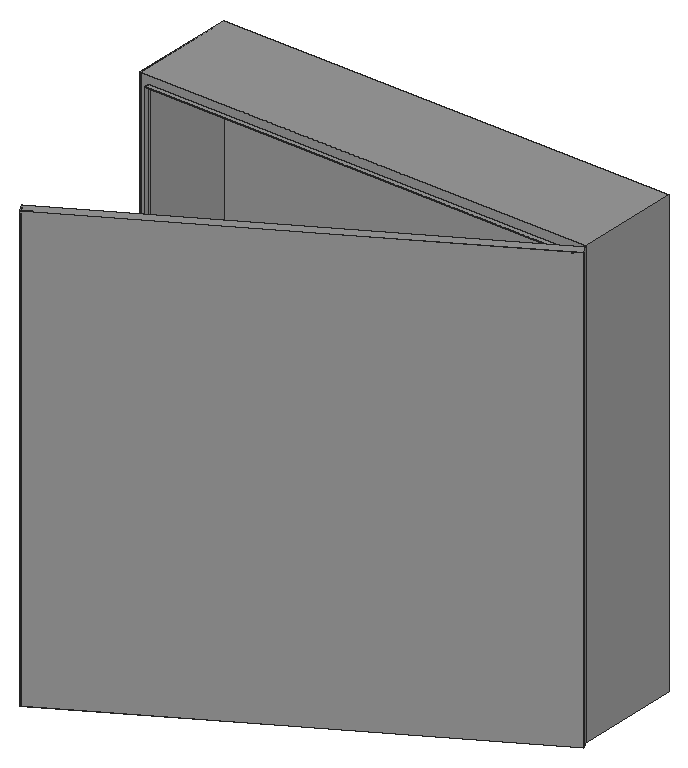
Revit family "Hager-Univers-IP44-D205-H800-Cl.II-Encl-NoHosted-PT-pt", category Electrical Equipment, Revit 2020
Family settings
  Panel Configuration = Two Columns, Circuits Across
  Round Connector Dimension = Use Diameter
  Part Type = Panelboard
  Work Plane-Based = Yes
  Always vertical = Yes
  Cut with Voids When Loaded = No
  Shared = No
  Room Calculation Point = No
Parameters (values of type "Montagem em superfície (gesso) IP44 L800 A800 P205  - FP53SN2")
  Width Control [instance] = if([EF000008 - Largura] > Min Width, [EF000008 - Largura], Min Width)  # 800 mm
  Type Comments = [HG000003 - Gama]  # "Univers"
  Thickness Door [instance] = if([EF009171 - Espessura do material da porta/tampa] > 3 mm, 3 mm, [EF009171 - Espessura do material da porta/tampa])  # 1 mm
  Seal Frame Offset [instance] = 17 mm  # constant formula
  Plinth Visibility [instance] = [HG000027 - Altura da Plinta] > 0 mm  # no
  Min Width [instance] = 100 mm  # constant formula
  Min Depth [instance] = (2 * [EF009170 - Espessura do material do invólucro]) + 1 mm  # 3 mm
  Min Height [instance] = 100 mm  # constant formula
  Internal Frame Depth [instance] = (Door System Depth * 0.5)  # 9 mm
  Panel Name [instance] = ""  # (empty or 0)
  Model = ""
  HG000027 - Altura da Plinta = 0 mm
  HG000026 - Instalação no chão = no
  HG000024 - Altura da secção inferior = 600 mm
  HG000023 - Recinto de secção dupla = no
  HG000016 - Visibilidade da porta 3D [instance] = yes
  HG000015 - Visibilidade através da porta [instance] = no
  HG000014 - Porta à direita [instance] = yes
  HG000013 - Porta à esquerda [instance] = not([HG000014 - Porta à direita])  # no
  HG000012 - Ângulo de abertura de porta [instance] = 30.00°
  HG000010 - Portas assimétricas = no
  HG000009 - Porta dupla = no
  HG000006 - Encastrado = no
  HG000004 - Referência do Fabricante = "FP53SN2"
  HG000003 - Gama = "Univers"
  HG000002 - Com porta ou tampa = yes
  Frame Offset Bottom [instance] = 10 mm  # constant formula
  Frame Offset [instance] = 15 mm  # constant formula
  EF015940 - Tampa com libertação de sobrepressão = no
  EF011959 - Grau de proteção (NEMA) = ""
  EF009554 - Número de aberturas para placas de flange = 6
  EF009212 - Tipo de tampa = "EV000116 - Fechado"
  EF009171 - Espessura do material da porta/tampa = 1 mm
  EF009170 - Espessura do material do invólucro = 1 mm
  EF008873 - Corrente nominal (In) = 250 A
  EF007800 - Adequado para proteção contra raios = no
  EF006306 - Com fecho = no
  EF006244 - Tampa/porta transparente = no
  EF005474 - Grau de proteção (IP) = "EV006418 - IP44"
  EF004464 - Tipo de porta = "EV002646 - Único"
  EF004427 - Número de módulos = 180
  EF004293 - Força de impacto = "EV006815 - IK09"
  EF003532 - Adequado para uso no exterior = no
  EF002950 - Largura em número de módulos = 36
  EF001613 - Integridade do circuito = "EV000494 - Nenhum"
  EF001596 - Material do corpo = "EV000179 - Aço"
  EF001131 - Profundidade interior = 130 mm
  EF001088 - Extensão possível = yes
  EF000437 - Número de entradas de condutores = 6
  EF000339 - Tipo de difusor = "EV004216 - Porta"
  EF000266 - Número de linhas = 5
  EF000218 - Profundidade incorporada = 205 mm
  EF000118 - Com tampa de montagem = no
  EF000116 - Número RAL = "9010"
  EF000049 - Profundidade = 205 mm
  EF000040 - Altura = 800 mm
  EF000008 - Largura = 800 mm
  EF000007 - Cor = "EV000202 - Branco"
  EF000003 - Método de montagem = "EV000384 - Montagem em superfície (gesso)"
  Door System Leaf Tolerance [instance] = 1.5 mm  # constant formula
  Door System Depth [instance] = 18 mm  # constant formula
  Door Height [instance] = Height Control - [HG000027 - Altura da Plinta]  # 800 mm
  Description = ""
  Default Elevation = 1219.2 mm
  Connector Offset [instance] = Height Control / 2  # 400 mm
  Manufacturer = "Hager"  # constant formula
  Height Control [instance] = if([EF000040 - Altura] > Min Height, [EF000040 - Altura], Min Height)  # 800 mm
  Depth Control [instance] = if([EF000049 - Profundidade] > Min Depth, [EF000049 - Profundidade], Min Depth)  # 205 mm
  Bottom Top Plate Trim [instance] = 1.5 mm  # constant formula
  Plinth height Ctrl [instance] = if([HG000027 - Altura da Plinta] > 0 mm, [HG000027 - Altura da Plinta], 12 mm)  # 12 mm
Types (5, lengths in mm): name | Width Control | HG000010 - Portas assimétricas | HG000009 - Porta dupla | HG000004 - Referência do Fabricante | EF009554 - Número de aberturas para placas de flange | EF004464 - Tipo de porta | EF004427 - Número de módulos | EF002950 - Largura em número de módulos | EF000437 - Número de entradas de condutores | EF000339 - Tipo de difusor | EF000008 - Largura
  Montagem em superfície (gesso) IP44 L1050 A800 P205  - FP54SN2 | 1050 | no | yes | "FP54SN2" | 8 | "EV003602 - Duplo" | 240 | 48 | 8 | "EV004216 - Porta" | 1050
  Montagem em superfície (gesso) IP44 L1300 A800 P205  - FP55SN2 | 1300 | yes | yes | "FP55SN2" | 10 | "EV003602 - Duplo" | 300 | 60 | 10 | "EV004216 - Porta" | 1300
  Montagem em superfície (gesso) IP44 L300 A800 P205  - FP51SN2 | 300 | no | no | "FP51SN2" | 2 | "EV002646 - Único" | 60 | 12 | 2 | "EV001012 - Tampa" | 300
  Montagem em superfície (gesso) IP44 L550 A800 P205  - FP52SN2 | 550 | no | no | "FP52SN2" | 4 | "EV002646 - Único" | 120 | 24 | 4 | "EV001012 - Tampa" | 550
  Montagem em superfície (gesso) IP44 L800 A800 P205  - FP53SN2 | 800 | no | no | "FP53SN2" | 6 | "EV002646 - Único" | 180 | 36 | 6 | "EV004216 - Porta" | 800
Reference planes
  plane 1 "Center (Front/Back)": y = 0
  plane 2: z = 0
  plane 3 "Center (Left/Right)": x = 0
  plane 4: y = 0
  plane 5: y = 0
  plane 6: z = 0
  plane 7: x = -400
  plane 8: x = 400
  plane 9: x = 399
  plane 10: x = -399
  plane 11: z = 0
  plane 12: z = 1
  plane 13: y = -205
  plane 14: y = -1
  plane 15: x = 0
  plane 16: y = -187
  plane 17: y = -204
  plane 18: y = -186
  plane 19: x = -384
  plane 20: x = 384
  plane 21: z = 11
  plane 22: x = -383
  plane 23: x = 383
  plane 24: z = 0
  plane 25: z = 800
  plane 26: z = 800
  plane 27: z = 784
  plane 28: z = 799
Forms (mm)
  Extrusion 1, solid, material "Hager_Steel_RAL7035_Light_Grey", detail levels medium+fine
    sketch origin (-208.679, -4572, 0) x (-1, 0, 0) y (0, -1, 0)
      loop
        line (191.321, -4385) -> (-608.679, -4385) -> (-608.679, -4572) -> (191.321, -4572) -> (191.321, -4385)
    from 0 to 800
  Extrusion 2, void
    sketch origin (-350.771, -205, 1219.2) x (1, 0, 0) y (0, 0, 1)
      loop
        line (-48.229, -420.2) -> (-48.229, -1218.2) -> (749.771, -1218.2) -> (749.771, -420.2) -> (-48.229, -420.2)
    from -19 to -204
  Extrusion 3, void
    sketch origin (-290.084, -187, 1219.2) x (1, 0, 0) y (0, 0, 1)
      loop
        line (-93.916, -1208.2) -> (674.084, -1208.2) -> (674.084, -435.2) -> (-93.916, -435.2) -> (-93.916, -1208.2)
    from 0 to -1
  Extrusion 4, solid, material "Hager_Steel_RAL7035_Light_Grey", visible <- "Plinth Visibility", detail levels medium+fine
    sketch origin (0, 0, 0) x (1, 0, 0) y (0, 1, 0)
      loop
        line (-400, 0) -> (-400, -187) -> (400, -187) -> (400, 0) -> (-400, 0)
    from 0 to 12 <- "Plinth height Ctrl"
  Extrusion 5, solid, material "Hager_Steel_RAL7035_Light_Grey", detail levels coarse
    sketch origin (0, 0, 0) x (1, 0, 0) y (0, 1, 0)
      loop
        line (-400, 0) -> (-400, -205) -> (400, -205) -> (400, 0) -> (-400, 0)
    from 0 to 800 <- "Height Control"
  Sweep 6, void
    path in 3D
      loop
        line (-400, -187, 12) -> (400, -187, 12) -> (400, 0, 12) -> (-400, 0, 12) -> (-400, -187, 12)
    profile origin (-400, -93.5, 12) x (1, 0, 0) y (0, 0, 1)
      loop
        line (0, 0) -> (0, -1.5) -> (1.5, -1.5)
        arc (1.5, -1.5) -> (1.061, -0.439) -> (0, 0) r 1.5
  Extrusion 7, solid, material "Hager_Steel_RAL7035_Light_Grey", detail levels fine
    sketch origin (-400, -187, 0) x (1, 0, 0) y (0, 0, 1)
      loop
        line (16, 11) -> (784, 11) -> (784, 784) -> (16, 784) -> (16, 11)
      loop
        line (15, 10) -> (785, 10) -> (785, 785) -> (15, 785) -> (15, 10)
    from 0 to 9 <- "Internal Frame Depth"
Cuts and joins
  Extrusion 2, Extrusion 3 cuts Extrusion 1
  Sweep 6 cuts Extrusion 4
Lines and regions (mm)
  Masking region 1
    outline origin (0, 0, 0) x (1, 0, 0) y (0, 1, 0)
      loop
        line (-400, 0) -> (-400, -205) -> (400, -205) -> (400, 0) -> (-400, 0)
  Masking region 2, detail levels coarse
    outline origin (-290.084, -187, 1219.2) x (-1, 0, 0) y (0, 0, 1)
      loop
        line (-690.084, -1219.2) -> (109.916, -1219.2) -> (109.916, -419.2) -> (-690.084, -419.2) -> (-690.084, -1219.2)
  Masking region 3, detail levels coarse
    outline origin (0, 0, 0) x (0, 1, 0) y (0, 0, 1)
      loop
        line (0, 0) -> (0, 800) -> (-205, 800) -> (-205, 0) -> (0, 0)
  Masking region 4, visible <- "Plinth Visibility", detail levels medium+fine
    outline origin (0, 0, 0) x (0, 1, 0) y (0, 0, 1)
      loop
        line (-1.5, 12) -> (-185.5, 12)
        arc (-185.5, 12) -> (-185.939, 10.939) -> (-187, 10.5) r 1.5
        line (-187, 10.5) -> (-187, 0) -> (0, 0) -> (0, 10.5)
        arc (0, 10.5) -> (-1.061, 10.939) -> (-1.5, 12) r 1.5
  Masking region 5, detail levels medium+fine
    outline origin (0, 0, 594.038) x (0, 1, 0) y (0, 0, 1)
      loop
        line (0, -594.038) -> (0, 205.962) -> (-187, 205.962) -> (-187, -594.038) -> (0, -594.038)
  Masking region 6, detail levels medium+fine
    outline origin (-359.7, -187, 1211.883) x (-1, 0, 0) y (0, 0, 1)
      loop
        line (-759.7, -1211.883) -> (40.3, -1211.883) -> (40.3, -411.883) -> (-759.7, -411.883) -> (-759.7, -1211.883)
  Masking region 7, visible <- "Plinth Visibility", detail levels medium+fine
    outline origin (-320.334, -187, 1041.368) x (-1, 0, 0) y (0, 0, 1)
      loop
        line (-720.334, -1041.368) -> (79.666, -1041.368) -> (79.666, -1030.868)
        arc (79.666, -1030.868) -> (78.606, -1030.429) -> (78.166, -1029.368) r 1.5
        line (78.166, -1029.368) -> (-718.834, -1029.368)
        arc (-718.834, -1029.368) -> (-719.273, -1030.429) -> (-720.334, -1030.868) r 1.5
        line (-720.334, -1030.868) -> (-720.334, -1041.368)
  sketch lines
    curve 1: line (-400, 0, 12) -> (-400, -187, 12)
    curve 2: line (-400, -187, 12) -> (400, -187, 12)
    curve 3: line (400, 0, 12) -> (-400, 0, 12)
    curve 4: line (400, -187, 12) -> (400, 0, 12)
Dimensions and locks
  locked: plane 1 "Center (Front/Back)" to plane 5
  "EF009170 - Espessura do material do invólucro": plane 7 to plane 10
  "EF009170 - Espessura do material do invólucro": plane 8 to plane 9
  equal spacing: plane 7, plane 3 "Center (Left/Right)", plane 8
  "Width Control": plane 7 to plane 8
  "Depth Control": plane 4 to plane 13
  "EF009170 - Espessura do material do invólucro": plane 4 to plane 14
  "Height Control": plane 25 to level
  "HG000027 - Altura da Plinta": plane 11 to level
  "EF009170 - Espessura do material do invólucro": plane 12 to plane 11
  "EF009170 - Espessura do material do invólucro": plane 17 to plane 13
  "EF009170 - Espessura do material do invólucro": plane 18 to plane 16
  "Frame Offset Bottom": plane 21 to plane 12
  "Frame Offset": plane 10 to plane 19
  "Frame Offset": plane 9 to plane 20
  "Door System Depth": plane 16 to plane 13
  "Seal Frame Offset": plane 7 to plane 22
  "Seal Frame Offset": plane 8 to plane 23
  "EF009170 - Espessura do material do invólucro": plane 26 to plane 28
  "Frame Offset": plane 28 to plane 27
  "Connector Offset": plane 2 to connector elem
  "Bottom Top Plate Trim": profile plane to Sweep 6 sketch curve
  "Bottom Top Plate Trim": Sweep 6 sketch curve to Sweep 6 sketch curve
  "Plinth height Ctrl": Masking region 4 sketch curve to level
  "Plinth height Ctrl": Masking region 7 sketch curve to level
  "Thickness Door": Extrusion 7 sketch curve to Extrusion 7 sketch curve  (x4)
  "Bottom Top Plate Trim": radius of Sweep 6 sketch curve
  "Bottom Top Plate Trim": radius of Masking region 4 sketch curve  (x2)
  "Bottom Top Plate Trim": radius of Masking region 7 sketch curve  (x2)
  aligned and locked: Extrusion 2 sketch curve to plane 12
  aligned and locked: Extrusion 2 sketch curve to plane 9
  aligned and locked: Extrusion 2 sketch curve to plane 10
  aligned and locked: Extrusion 2 to plane 14
  aligned and locked: Extrusion 1 sketch curve to plane 4
  aligned and locked: plane 8 to Extrusion 1 sketch curve
  aligned and locked: plane 7 to Extrusion 1 sketch curve
  aligned and locked: Extrusion 2 to plane 18
  aligned and locked: Extrusion 3 sketch curve to plane 19
  aligned and locked: plane 20 to Extrusion 3 sketch curve
  aligned and locked: Extrusion 3 to Extrusion 2
  aligned and locked: Extrusion 3 sketch curve to plane 21
  aligned and locked: plane 3 "Center (Left/Right)" to nested 1
  aligned and locked: Extrusion 1 sketch curve to plane 16
  aligned and locked: Extrusion 4 sketch curve to cut or joined group of Extrusion 1, Extrusion 2, Extrusion 3
  aligned and locked: Masking region 1 sketch curve to plane 7
  aligned and locked: Masking region 1 sketch curve to plane 5
  aligned and locked: Masking region 1 sketch curve to plane 8
  aligned and locked: Masking region 2 sketch curve to level
  aligned and locked: level to Masking region 3 sketch curve
  aligned and locked: plane 1 "Center (Front/Back)" to Masking region 3 sketch curve
  aligned and locked: plane 13 to Masking region 3 sketch curve
  aligned and locked: plane 5 to Masking region 4 sketch curve
  aligned and locked: Masking region 2 sketch curve to plane 8
  aligned and locked: Masking region 2 sketch curve to plane 7
  aligned and locked: plane 7 to nested 2
  aligned and locked: nested 2 to plane 5
  aligned and locked: plane 5 to Masking region 5 sketch curve
  aligned and locked: plane 26 to Masking region 5 sketch curve
  aligned and locked: Extrusion 5 sketch curve to plane 8
  aligned and locked: Extrusion 5 sketch curve to plane 7
  aligned and locked: Extrusion 5 sketch curve to plane 5
  aligned and locked: Extrusion 3 sketch curve to plane 27
  aligned and locked: Extrusion 2 sketch curve to plane 28
  aligned and locked: Masking region 2 to plane 25
  aligned and locked: Extrusion 4 to plane 16
  aligned and locked: profile plane to Sweep 6 sketch curve
  aligned and locked: Masking region 5 sketch curve to plane 24
  aligned and locked: level to Masking region 4 sketch curve
  aligned and locked: Masking region 1 to plane 13
  aligned and locked: nested 1 to plane 16
  aligned and locked: Masking region 3 to plane 25
  aligned and locked: plane 16 to Masking region 4 sketch curve
  aligned and locked: Masking region 5 sketch curve to plane 16
  aligned and locked: plane 24 to plane 11
  aligned and locked: plane 26 to plane 25
  aligned and locked: plane 26 to cut or joined group of Extrusion 1, Extrusion 2, Extrusion 3
  aligned and locked: nested 1 to plane 24
  aligned and locked: Extrusion 1 to Extrusion 3
  aligned and locked: Masking region 6 sketch curve to plane 8
  aligned and locked: Masking region 6 sketch curve to plane 24
  aligned and locked: Masking region 6 sketch curve to plane 7
  aligned and locked: Masking region 6 sketch curve to plane 26
  aligned and locked: Masking region 7 sketch curve to plane 7
  aligned and locked: level to Masking region 7 sketch curve
  aligned and locked: Masking region 7 sketch curve to plane 8
  aligned and locked: Extrusion 7 sketch curve to cut or joined group of Extrusion 1, Extrusion 2, Extrusion 3  (x4)
Automatic sketch dimensions
  plane 19 to Extrusion 3 sketch curve = 0 mm
  Extrusion 3 sketch curve to plane 20 = 0 mm
  Extrusion 3 sketch curve to plane 21 = 0 mm
  Extrusion 4 sketch curve to plane 7 = 0 mm
  Extrusion 4 sketch curve to plane 8 = 0 mm
  Extrusion 4 sketch curve to plane 16 = 0 mm
  Masking region 1 sketch curve to plane 13 = 0 mm
  Masking region 2 sketch curve to plane 25 = 0 mm
  Masking region 3 sketch curve to plane 25 = 0 mm
  Extrusion 5 sketch curve to plane 13 = 0 mm
  profile plane to Sweep 6 sketch curve = 0 mm
Nested families
  nested 1: "EC000058_Univers_Door" at (0, -187, 0), Double <- "HG000009 - Porta dupla", Transparent <- "EF006244 - Tampa/porta transparente", Angle <- "HG000012 - Ângulo de abertura de porta", Door_Right <- "HG000014 - Porta à direita", Assymetrical <- "HG000010 - Portas assimétricas", Door <- "HG000002 - Com porta ou tampa", Width_Ctrl <- "Width Control", 3d_Door <- "HG000016 - Visibilidade da porta 3D", Clearance <- "HG000015 - Visibilidade através da porta", Door_Left <- "HG000013 - Porta à esquerda", Width <- "Width Control", Door_Depth <- "Door System Depth", Leaf_Tolerance <- "Door System Leaf Tolerance", Height <- "Door Height", Lock_Visibility <- "EF006306 - Com fecho", Thickness <- "Thickness Door", type "EC000058_Univers_Door", detail levels medium+fine
    with min_wh 3 mm, Width_Ctrl 800 mm, Width 800 mm, Transparent no, Thickness 1 mm, Seal_Material Hager_Rubber, Lock_Visibility no, Lock_Material Hager_Plastic_RAL9005_Jet_Black, Leaf_Width 800 mm, Leaf_Tolerance_External_Sides 0 mm, Leaf_Tolerance 1.5 mm, Leaf_Offset 0 mm, Leaf_Height 797 mm, Leaf_2_Width 800 mm, Leaf_2_Offset 400 mm, Leaf_1_Width 800 mm, Leaf_1_Offset 400 mm, Height_Ctrl 800 mm, Height 800 mm, Glass_Material Hager_Glass, Double_Clearance_Ctrl no, Double no, Door_Right_Ctrl yes, Door_Right yes, Door_Material Hager_Steel_RAL7035_Light_Grey, Door_Left_Ctrl no, Door_Left no, Door_Depth 18 mm, Door yes, Clearance_Material Hager_Clearance, Clearance_Depth 800 mm, Clearance_Ctrl no, Clearance no, Assymetrical no, Angle 30.00°, 3d_Door yes
  nested 2: "Hager_Enclosure_Symbol" at (-400, 0, 0), Height <- "Depth Control", Width <- "Width Control", type "Hager_Enclosure_Symbol"
    with Width_Ctrl 800 mm, Width 800 mm, Height_Ctrl 205 mm, Height 205 mm, A_Width_Int 13.453 mm, A_Width 161.438 mm, A_Height_Ctrl 179.375 mm, A_Height 179.375 mm
Connectors
  electrical at (0, 0, 400)
    settings: on plane 1 "Center (Front/Back)", index 1, voltage 0 V, apparent load 0 VA, apparent load phase1 0 VA, apparent load phase2 0 VA, apparent load phase3 0 VA, power factor 1, load classification "Other", number of poles 1, system type 30, power factor state 1, is connector primary yes, connector utility no, sub classification motor no, connector description ""
Definition of nested family "EC000058_Univers_Door"
  Parameters (values of type "EC000058_Univers_Door")
    min_wh [instance] = (2 * Thickness) + 1 mm  # 11 mm
    Width_Ctrl [instance] = 400 mm
    Width [instance] = 500 mm
    Transparent [instance] = yes
    Thickness [instance] = 5 mm
    Seal_Material [instance] = none
    Lock_Visibility [instance] = yes
    Lock_Material [instance] = none
    Leaf_Width [instance] = if((Width_Ctrl - 2 * Leaf_Tolerance_External_Sides) > 0 mm, (Width_Ctrl - 2 * Leaf_Tolerance_External_Sides), min_wh)  # 400 mm
    Leaf_Tolerance_External_Sides [instance] = 0 mm  # constant formula
    Leaf_Tolerance [instance] = 1.5 mm
    Leaf_Offset [instance] = 0 mm  # constant formula
    Leaf_Height [instance] = if((Height_Ctrl - 2 * Leaf_Tolerance) > 0 mm, (Height_Ctrl - 2 * Leaf_Tolerance), min_wh)  # 497 mm
    Leaf_2_Width [instance] = if(and(and(Double, Assymetrical), Door_Left), (Leaf_Width / 3) - (Leaf_Tolerance / 2), if(and(and(Double, Assymetrical), Door_Right), (Leaf_Width / 3) * 2 - (Leaf_Tolerance / 2), if(and(Double, not(Assymetrical)), (Leaf_Width / 2) - Leaf_Tolerance, Leaf_Width)))  # 400 mm
    Leaf_2_Offset [instance] = if(and(Double, Assymetrical), Leaf_2_Width / 2, if(and(Double, not(Assymetrical)), Leaf_Width / 4, Leaf_Width / 2))  # 200 mm
    Leaf_1_Width [instance] = if(and(and(Double, Assymetrical), Door_Right), (Leaf_Width / 3) - (Leaf_Tolerance / 2), if(and(and(Double, Assymetrical), Door_Left), (Width / 3) * 2 - (Leaf_Tolerance / 2), if(and(Double, not(Assymetrical)), (Leaf_Width / 2) - Leaf_Tolerance, Leaf_Width)))  # 400 mm
    Leaf_1_Offset [instance] = if(and(Double, Assymetrical), Leaf_1_Width / 2, if(and(Double, not(Assymetrical)), Leaf_Width / 4, Leaf_Width / 2))  # 200 mm
    Height_Ctrl [instance] = if(Height > min_wh, Height, min_wh)  # 500 mm
    Height [instance] = 500 mm
    Glass_Material [instance] = none
    Double_Clearance_Ctrl [instance] = and(Double, Clearance)  # no
    Double [instance] = no
    Door_Right_Ctrl [instance] = and(or(Door_Right, Double), Door)  # yes
    Door_Right [instance] = yes
    Door_Material [instance] = none
    Door_Left_Ctrl [instance] = and(or(Door_Left, Double), Door)  # no
    Door_Left [instance] = no
    Door_Depth [instance] = 30 mm
    Door [instance] = yes
    Default Elevation = 1219.2 mm
    Clearance_Material [instance] = none
    Clearance_Depth [instance] = if(Leaf_1_Width > Leaf_2_Width, Leaf_1_Width, Leaf_2_Width)  # 400 mm
    Clearance_Ctrl [instance] = and(not(Double), Clearance)  # yes
    Clearance [instance] = yes
    Assymetrical [instance] = yes
    Angle [instance] = 30.00°
    3d_Door [instance] = yes
  Reference planes
    plane 1 "Center (Front/Back)": y = 0
    plane 2 "Bottom": z = 0
    plane 3 "Center (Left/Right)": x = 0
    plane 4: z = 500
    plane 5: x = -200
    plane 6: x = 200
    plane 7: z = 500
    plane 8: x = -200
    plane 9: z = 0
    plane 10: x = 200
    plane 11: y = 0
    plane 12: z = 1.5
    plane 13: x = -600
    plane 14: y = -400
    plane 15: x = 600
    plane 16: x = 0
    plane 17: x = 0
    plane 18: x = -200
    plane 19: x = 200
    plane 20: z = 498.5
  Forms (mm)
    Extrusion 1, solid, material <- "Clearance_Material", visible <- "Double_Clearance_Ctrl"
      sketch origin (1200, 0, 0) x (1, 0, 0) y (0, 0, -1)
        loop
          line (-1800, -498.5) -> (-600, -498.5) -> (-600, 0) -> (-1800, 0) -> (-1800, -498.5)
      from 0 to -400
  Dimensions and locks
    equal spacing: plane 5, plane 3 "Center (Left/Right)", plane 6
    "Width_Ctrl": plane 5 to plane 6
    "Leaf_Offset": plane 5 to plane 8
    "Leaf_Offset": plane 6 to plane 10
    "Leaf_Offset": plane 9 to level
    "Leaf_Offset": plane 4 to plane 7
    "Height_Ctrl": plane 4 to level
    "Leaf_Tolerance": plane 12 to plane 9
    locked: plane 11 to plane 1 "Center (Front/Back)"
    "Leaf_1_Offset": plane 18 to plane 16
    "Leaf_2_Offset": plane 17 to plane 19
    "Leaf_1_Width": plane 13 to plane 8
    "Leaf_2_Width": plane 10 to plane 15
    "Clearance_Depth": plane 14 to plane 1 "Center (Front/Back)"
    "Leaf_Tolerance_External_Sides": plane 8 to plane 18
    "Leaf_Tolerance_External_Sides": plane 19 to plane 10
    "Leaf_Tolerance": plane 7 to plane 20
    aligned and locked: level to plane 2 "Bottom"
    aligned and locked: nested 1 to plane 16
    aligned and locked: nested 2 to plane 17
    aligned and locked: Extrusion 1 to plane 13
    aligned and locked: plane 15 to Extrusion 1
    aligned and locked: Extrusion 1 to plane 14
    aligned and locked: plane 12 to nested 1
    aligned and locked: nested 2 to plane 12
    aligned and locked: Extrusion 1 to plane 11
    aligned and locked: plane 20 to Extrusion 1
    aligned and locked: nested 2 to plane 11
    aligned and locked: nested 1 to plane 11
  Automatic sketch dimensions
    Extrusion 1 sketch curve to level = 0 mm
    plane 5 to Extrusion 1 sketch curve = 400 mm
    plane 6 to Extrusion 1 sketch curve = 400 mm
    Extrusion 1 sketch curve to plane 4 = 1.5 mm
  Nested families
    nested 1: "EC000058_Univers_Door_Leaf" at (0, 0, 1.5), Width <- "Leaf_1_Width", visible <- "Door_Left_Ctrl", Leaf_Height <- "Leaf_Height", Angle <- "Angle", 3d_Door <- "3d_Door", Transparent <- "Transparent", Clearance Material <- "Clearance_Material", Clearance <- "Clearance_Ctrl", Door_Material <- "Door_Material", Glass_Material <- "Glass_Material", Door_Depth <- "Door_Depth", Lock_Material <- "Lock_Material", Seal_Material <- "Seal_Material", Lock_Visibility <- "Lock_Visibility", Thickness <- "Thickness", type "EC000058_Univers_Door_Leaf"
      with Width 400 mm, Transparent_Glass_Offset 30 mm, Transparent_Ctrl yes, Transparent yes, Thickness 5 mm, Standard no, Seal_Material none, Seal_D2 8 mm, Seal_D1 1 mm, Offset_Internal_Frame 10 mm, Lock_Width 20 mm, Lock_Visibility_3d yes, Lock_Visibility yes, Lock_Thickness_3 3 mm, Lock_Thickness_2 1 mm, Lock_Thickness_1 3 mm, Lock_Radius_Offset_2 16 mm, Lock_Radius_Offset_1 15 mm, Lock_Radius_2 5 mm, Lock_Radius 6 mm, Lock_Offset 5 mm, Lock_Material none, Lock_Height 80 mm, Lock_Cover_Top_Offset_2d 17 mm, Lock_Cover_Height -65 mm, Leaf_Height 497 mm, Internal_Seal_Thickness 8 mm, Internal_Seal_Depth_2 4.5 mm, Internal_Frame_Depth 25 mm, Glass_Thickness -1 mm, Glass_Offset -2 mm, Glass_Material none, Door_Material none, Door_Depth 30 mm, Clearance Material none, Clearance yes, Angle_Ctrl 30.00°, Angle 30.00°, 3d_Door yes
    nested 2: "EC000058_Univers_Door_Leaf" at (0, 0, 1.5) x (-1, 0, 0) z (0, 0, 1), Width <- "Leaf_2_Width", visible <- "Door_Right_Ctrl", Leaf_Height <- "Leaf_Height", Angle <- "Angle", 3d_Door <- "3d_Door", Transparent <- "Transparent", Clearance Material <- "Clearance_Material", Clearance <- "Clearance_Ctrl", Door_Material <- "Door_Material", Glass_Material <- "Glass_Material", Door_Depth <- "Door_Depth", Lock_Material <- "Lock_Material", Seal_Material <- "Seal_Material", Lock_Visibility <- "Lock_Visibility", Thickness <- "Thickness", type "EC000058_Univers_Door_Leaf"
      with Width 400 mm, Transparent_Glass_Offset 30 mm, Transparent_Ctrl yes, Transparent yes, Thickness 5 mm, Standard no, Seal_Material none, Seal_D2 8 mm, Seal_D1 1 mm, Offset_Internal_Frame 10 mm, Lock_Width 20 mm, Lock_Visibility_3d yes, Lock_Visibility yes, Lock_Thickness_3 3 mm, Lock_Thickness_2 1 mm, Lock_Thickness_1 3 mm, Lock_Radius_Offset_2 16 mm, Lock_Radius_Offset_1 15 mm, Lock_Radius_2 5 mm, Lock_Radius 6 mm, Lock_Offset 5 mm, Lock_Material none, Lock_Height 80 mm, Lock_Cover_Top_Offset_2d 17 mm, Lock_Cover_Height -65 mm, Leaf_Height 497 mm, Internal_Seal_Thickness 8 mm, Internal_Seal_Depth_2 4.5 mm, Internal_Frame_Depth 25 mm, Glass_Thickness -1 mm, Glass_Offset -2 mm, Glass_Material none, Door_Material none, Door_Depth 30 mm, Clearance Material none, Clearance yes, Angle_Ctrl 30.00°, Angle 30.00°, 3d_Door yes
  Definition of nested family "EC000058_Univers_Door_Leaf"
    Parameters (values of type "EC000058_Univers_Door_Leaf")
      Width [instance] = 2000 mm
      Transparent_Glass_Offset [instance] = 30 mm
      Transparent_Ctrl [instance] = and(Transparent, [3d_Door])  # yes
      Transparent [instance] = yes
      Thickness [instance] = 5 mm
      Standard [instance] = and(not(Transparent), [3d_Door])  # no
      Seal_Material [instance] = none
      Seal_D2 [instance] = 8 mm  # constant formula
      Seal_D1 [instance] = 1 mm  # constant formula
      Offset_Internal_Frame [instance] = 10 mm  # constant formula
      Lock_Width [instance] = 20 mm  # constant formula
      Lock_Visibility_3d [instance] = and(Lock_Visibility, [3d_Door])  # yes
      Lock_Visibility [instance] = yes
      Lock_Thickness_3 [instance] = 3 mm  # constant formula
      Lock_Thickness_2 [instance] = 1 mm  # constant formula
      Lock_Thickness_1 [instance] = 3 mm  # constant formula
      Lock_Radius_Offset_2 [instance] = Lock_Radius_Offset_1 + 1 mm  # 16 mm
      Lock_Radius_Offset_1 [instance] = 15 mm  # constant formula
      Lock_Radius_2 [instance] = Lock_Radius - 1 mm  # 5 mm
      Lock_Radius [instance] = 6 mm  # constant formula
      Lock_Offset [instance] = 5 mm  # constant formula
      Lock_Material [instance] = none
      Lock_Height [instance] = 80 mm  # constant formula
      Lock_Cover_Top_Offset_2d [instance] = Lock_Radius_Offset_2 + 1 mm  # 17 mm
      Lock_Cover_Height [instance] = -(Lock_Height - Lock_Radius_Offset_1)  # -65 mm
      Leaf_Height [instance] = 2720.336 mm
      Internal_Seal_Thickness [instance] = 8 mm  # constant formula
      Internal_Seal_Depth_2 [instance] = 4.5 mm  # constant formula
      Internal_Frame_Depth [instance] = if(Door_Depth - Thickness > 5 mm, Door_Depth - Thickness, 5 mm)  # 25 mm
      Glass_Thickness [instance] = if(Thickness > 15 mm, Glass_Offset + 10 mm, -1 mm)  # -1 mm
      Glass_Offset [instance] = if(Thickness > 15 mm, -(Thickness + 10 mm) / 2, -2 mm)  # -2 mm
      Glass_Material [instance] = none
      Door_Material [instance] = none
      Door_Depth [instance] = 30 mm
      Default Elevation = 0 mm
      Clearance Material [instance] = none
      Clearance [instance] = yes
      Angle_Ctrl [instance] = if(Angle > 180.00°, 180.00°, Angle)  # 90.00°
      Angle [instance] = 90.00°
      3d_Door [instance] = yes
    Reference planes
      plane 1 "Center (Front/Back)": y = 0
      plane 2: z = 0
      plane 3 "Center (Left/Right)": x = 0
      plane 4: y = 2000
      plane 5: x = -1000
      plane 6: x = 1000
      plane 7: x = -3000
      plane 8: z = 2720.336
      plane 9: z = 30
      plane 10: z = 2690.336
      plane 11: x = 970
      plane 12: x = -970
      plane 13: y = -3
      plane 14: z = 107.833
      plane 15: y = -5
      plane 16: y = -223.314
      plane 17: x = -1000
      plane 18: z = 1360.168
      plane 19: y = 30
    Forms (mm)
      Extrusion 1, solid, material <- "Clearance Material", visible <- "Clearance"
        sketch origin (0, 0, 0) x (1, 0, 0) y (0, 0, 1)
          loop
            line (-3000, 2720.336) -> (-3000, 0) -> (1000, 0) -> (1000, 2720.336) -> (-3000, 2720.336)
        from 0 to -2000
      Extrusion 2, solid, material <- "Door_Material", visible <- "Standard", detail levels medium+fine
        sketch origin (-1000, 0, 0) x (0, 1, 0) y (-1, 0, 0)
          loop
            line (0, 30) -> (0, 25) -> (2000, 25) -> (2000, 30) -> (0, 30)
        from 0 to 2720.336 <- "Leaf_Height"
      Extrusion 3, solid, material <- "Door_Material", visible <- "Transparent_Ctrl", detail levels medium+fine
        sketch origin (-1000, 0, 0) x (0, 1, 0) y (-1, 0, 0)
          loop
            line (0, 25) -> (2000, 25) -> (2000, 30) -> (0, 30) -> (0, 25)
        from 0 to 2720.336 <- "Leaf_Height"
      Extrusion 4, void
        sketch origin (-1025, 2000, 0) x (0, 1, 0) y (0, 0, -1)
          loop
            line (-30, -2690.336) -> (-30, -30) -> (-1970, -30) -> (-1970, -2690.336) -> (-30, -2690.336)
        from 0 to 5 <- "Thickness"
      Sweep 5, solid, material <- "Seal_Material", visible <- "Transparent_Ctrl", detail levels fine
        path in 3D
          loop
            line (-1025, 30, 30) -> (-1025, 30, 2690.336) -> (-1025, 1970, 2690.336) -> (-1025, 1970, 30) -> (-1025, 30, 30)
        profile origin (-1025, 1000, 30) x (1, 0, 0) y (0, 0, 1)
          loop
            line (0, 0) -> (0, -8) -> (1, -8) -> (1, 0) -> (0, 0)
      Extrusion 6, solid, material <- "Glass_Material", visible <- "Transparent_Ctrl", detail levels medium+fine
        sketch origin (-1030, 0, 0) x (0, 1, 0) y (0, 0, -1)
          loop
            line (1970, -2690.336) -> (1970, -30) -> (30, -30) -> (30, -2690.336) -> (1970, -2690.336)
        from -2 <- "Glass_Offset" to -1 <- "Glass_Thickness"
      Extrusion 7, solid, material <- "Door_Material", visible <- "3d_Door", detail levels medium+fine
        sketch origin (-1025, 2000, 0) x (0, -1, 0) y (0, 0, -1)
          loop
            line (0, -2720.336) -> (2000, -2720.336) -> (2000, 0) -> (0, 0) -> (0, -2720.336)
          loop
            line (1995, -5) -> (5, -5) -> (5, -2715.336) -> (1995, -2715.336) -> (1995, -5)
        from 0 to 25 <- "Internal_Frame_Depth"
      Sweep 8, solid, material <- "Seal_Material", visible <- "Transparent_Ctrl", detail levels fine
        path in 3D
          loop
            line (-1025, 0, 0) -> (-1025, 2000, 0) -> (-1025, 2000, 2720.336) -> (-1025, 0, 2720.336) -> (-1025, 0, 0)
        profile origin (-1025, 0, 1360.168) x (1, 0, 0) y (0, 1, 0)
          loop
            line (0, 10) -> (2.975, 10)
            arc (2.975, 10) -> (4.053, 10.447) -> (4.5, 11.525) r 1.525
            line (4.5, 11.525) -> (4.5, 16.527)
            arc (4.5, 16.527) -> (4.069, 17.569) -> (3.027, 18) r 1.473
            line (3.027, 18) -> (0, 18) -> (0, 10)
      Extrusion 9, solid, material <- "Lock_Material", visible <- "Lock_Visibility_3d", detail levels fine
        sketch origin (-1030, 0, 0) x (0, 1, 0) y (0, 0, -1)
          loop
            arc (1993.5, -1400.168) -> (1994.561, -1399.729) -> (1995, -1398.668) r 1.5
            line (1995, -1398.668) -> (1995, -1320.168) -> (1975, -1320.168) -> (1975, -1398.668)
            arc (1975, -1398.668) -> (1975.439, -1399.729) -> (1976.5, -1400.168) r 1.5
            line (1976.5, -1400.168) -> (1993.5, -1400.168)
        from 3 <- "Lock_Thickness_1" to 0
      Blend 10, solid, material <- "Lock_Material", visible <- "Lock_Visibility_3d", detail levels fine
        base sketch origin (-1033, 0, 0) x (0, 1, 0) y (0, 0, -1)
          loop
            line (1975, -1320.168) -> (1975, -1398.668)
            arc (1975, -1398.668) -> (1975.439, -1399.729) -> (1976.5, -1400.168) r 1.5
            line (1976.5, -1400.168) -> (1993.5, -1400.168)
            arc (1993.5, -1400.168) -> (1994.561, -1399.729) -> (1995, -1398.668) r 1.5
            line (1995, -1398.668) -> (1995, -1320.168) -> (1975, -1320.168)
        top sketch origin (-1033, 0, 0) x (0, 1, 0) y (0, 0, -1)
          loop
            line (1976, -1320.168) -> (1976, -1398.668)
            arc (1976, -1398.668) -> (1976.146, -1399.022) -> (1976.5, -1399.168) r 0.5
            line (1976.5, -1399.168) -> (1993.5, -1399.168)
            arc (1993.5, -1399.168) -> (1993.854, -1399.022) -> (1994, -1398.668) r 0.5
            line (1994, -1398.668) -> (1994, -1320.168) -> (1976, -1320.168)
        from 0 to 1 <- "Lock_Thickness_2"
      Blend 11, solid, material <- "Lock_Material", visible <- "Lock_Visibility_3d", detail levels fine
        base sketch origin (-1034, 0, 0) x (0, 1, 0) y (0, 0, -1)
          loop
            line (1978, -1320.168) -> (1978, -1384.168)
            arc (1978, -1384.168) -> (1985, -1391.168) -> (1992, -1384.168) r 7
            line (1992, -1384.168) -> (1992, -1320.168) -> (1978, -1320.168)
        top sketch origin (-1034, 0, 0) x (0, 1, 0) y (0, 0, -1)
          loop
            line (1991, -1320.168) -> (1979, -1320.168) -> (1979, -1383.168)
            arc (1979, -1383.168) -> (1985, -1389.168) -> (1991, -1383.168) r 6
            line (1991, -1383.168) -> (1991, -1320.168)
        from 0 to 3 <- "Lock_Thickness_3"
      Extrusion 12, solid, material <- "Lock_Material", visible <- "Lock_Visibility_3d", detail levels fine
        sketch origin (-1030, 1975, 1320.168) x (1, 0, 0) y (0, -1, 0)
          loop
            line (-7, -19) -> (-7, -1) -> (0, -1) -> (0, 0) -> (-8, 0) -> (-8, -20) -> (0, -20) -> (0, -19) -> (-7, -19)
        from 0 to -65 <- "Lock_Cover_Height"
      Extrusion 13, void
        sketch origin (-1038, 1995, 1320.168) x (-1, 0, 0) y (0, 0, -1)
          loop
            line (-5, -65) -> (0, -65) -> (-5, -60) -> (-5, -65)
        from 0 to 20 <- "Lock_Width"
      Extrusion 14, void
        sketch origin (-1038, 1975, 1320.168) x (0, -1, 0) y (0, 0, -1)
          loop
            circle (-10, -15.995) r 6
          loop
            circle (-10, -15.995) r 5
        from 0 to 2
      Extrusion 15, solid, material <- "Lock_Material", visible <- "Lock_Visibility_3d", detail levels medium
        sketch origin (-1030, 0, 0) x (0, 1, 0) y (0, 0, -1)
          loop
            arc (1993.5, -1400.168) -> (1994.561, -1399.729) -> (1995, -1398.668) r 1.5
            line (1995, -1398.668) -> (1995, -1320.168) -> (1975, -1320.168) -> (1975, -1398.668)
            arc (1975, -1398.668) -> (1975.439, -1399.729) -> (1976.5, -1400.168) r 1.5
            line (1976.5, -1400.168) -> (1993.5, -1400.168)
        from 8 to 0
    Cuts and joins
      Extrusion 4 cuts Extrusion 3
      Extrusion 13, Extrusion 14 cuts Extrusion 9
      Extrusion 14 cuts Blend 11
      Extrusion 13, Extrusion 14 cuts Extrusion 12
      joined: Extrusion 9, Blend 10, Blend 11, Extrusion 12
      Extrusion 14 cuts Extrusion 15
    Lines and regions (mm)
      Masking region 1, visible <- "Lock_Visibility", detail levels fine
        outline origin (0, 0, 0) x (0, 1, 0) y (0, 0, 1)
          loop
            line (30, 1320.168) -> (33, 1320.168) -> (33, 1400.168) -> (30, 1400.168) -> (30, 1320.168)
      Masking region 2, visible <- "Lock_Visibility", detail levels fine
        outline origin (0, 3.143, 0) x (0, 1, 0) y (0, 0, 1)
          loop
            line (29.857, 1354.168) -> (30.857, 1354.168) -> (30.857, 1366.168) -> (29.857, 1366.168) -> (29.857, 1354.168)
      Masking region 3, detail levels medium+fine
        outline origin (0, 0, 0) x (0, 1, 0) y (0, 0, 1)
          loop
            line (0, 0) -> (30, 0) -> (30, 2720.336) -> (0, 2720.336) -> (0, 0)
      Masking region 4, detail levels medium+fine
        outline origin (0, 0, 0) x (1, 0, 0) y (0, 0, 1)
          loop
            line (-1000, 2720.336) -> (-1000, 0) -> (1000, 0) -> (1000, 2720.336) -> (-1000, 2720.336)
      Masking region 5, visible <- "Lock_Visibility", detail levels fine
        outline origin (-47.116, 0, 0) x (1, 0, 0) y (0, 0, 1)
          loop
            arc (1024.616, 1399.168) -> (1023.556, 1398.729) -> (1023.116, 1397.668) r 1.5
            line (1023.116, 1397.668) -> (1023.116, 1320.168) -> (1041.116, 1320.168) -> (1041.116, 1397.668)
            arc (1041.116, 1397.668) -> (1040.677, 1398.729) -> (1039.616, 1399.168) r 1.5
            line (1039.616, 1399.168) -> (1024.616, 1399.168)
      Masking region 6, visible <- "Lock_Visibility", detail levels medium+fine
        outline origin (-25, 0, 0) x (1, 0, 0) y (0, 0, 1)
          loop
            arc (1001.5, 1400.168) -> (1000.439, 1399.729) -> (1000, 1398.668) r 1.5
            line (1000, 1398.668) -> (1000, 1320.168) -> (1020, 1320.168) -> (1020, 1398.668)
            arc (1020, 1398.668) -> (1019.561, 1399.729) -> (1018.5, 1400.168) r 1.5
            line (1018.5, 1400.168) -> (1001.5, 1400.168)
      Masking region 7, visible <- "Lock_Visibility", detail levels fine
        outline origin (-73.735, 0, 0) x (1, 0, 0) y (0, 0, 1)
          loop
            line (1051.735, 1382.168) -> (1065.735, 1382.168) -> (1065.735, 1384.168)
            arc (1065.735, 1384.168) -> (1058.735, 1391.168) -> (1051.735, 1384.168) r 7
            line (1051.735, 1384.168) -> (1051.735, 1382.168)
      Masking region 8, visible <- "Lock_Visibility", detail levels fine
        outline origin (-73.735, 0, 0) x (1, 0, 0) y (0, 0, 1)
          loop
            line (1052.735, 1382.168) -> (1064.735, 1382.168) -> (1064.735, 1383.168)
            arc (1064.735, 1383.168) -> (1058.735, 1389.168) -> (1052.735, 1383.168) r 6
            line (1052.735, 1383.168) -> (1052.735, 1382.168)
      Masking region 9, visible <- "Lock_Visibility", detail levels fine
        outline origin (-25, 0, 0) x (1, 0, 0) y (0, 0, 1)
          loop
            line (1020, 1320.168) -> (1020, 1382.168) -> (1000, 1382.168) -> (1000, 1320.168) -> (1020, 1320.168)
      Masking region 10, detail levels medium+fine
        outline origin (0, 0, 0) x (1, 0, 0) y (0, 0, 1)
          loop
            circle (985, 1335.144) r 6
      Masking region 11, detail levels fine
        outline origin (0, 0, 0) x (1, 0, 0) y (0, 0, 1)
          loop
            circle (985, 1335.144) r 5
      Masking region 12, visible <- "Lock_Visibility", detail levels fine
        outline origin (0, 12.767, 0) x (0, 1, 0) y (0, 0, 1)
          loop
            line (20.233, 1320.168) -> (21.233, 1320.168) -> (21.233, 1399.168) -> (20.233, 1400.168) -> (20.233, 1320.168)
      Masking region 13, visible <- "Lock_Visibility", detail levels fine
        outline origin (0, 13.767, -10) x (0, 1, 0) y (0, 0, 1)
          loop
            line (20.233, 1330.168) -> (23.233, 1330.168) -> (23.233, 1399.168) -> (20.233, 1402.168) -> (20.233, 1330.168)
      Masking region 14, visible <- "Lock_Visibility", detail levels fine
        outline origin (0, 12.767, -10) x (0, 1, 0) y (0, 0, 1)
          loop
            line (20.233, 1330.168) -> (25.233, 1330.168) -> (25.233, 1399.305) -> (20.233, 1394.305) -> (20.233, 1330.168)
      Masking region 15, visible <- "Lock_Visibility", detail levels medium
        outline origin (0, 0, 0) x (0, 1, 0) y (0, 0, 1)
          loop
            line (30, 1320.168) -> (38, 1320.168) -> (38, 1400.168) -> (30, 1400.168) -> (30, 1320.168)
      Masking region 16, visible <- "Lock_Visibility", detail levels fine
        outline origin (-1000, 0, 0) x (0, 1, 0) y (-1, 0, 0)
          loop
            line (1975, 30) -> (1995, 30) -> (1995, 38) -> (1975, 38) -> (1975, 30)
          loop
            line (1979, 37) -> (1976, 37) -> (1976, 34) -> (1978, 34) -> (1979, 37)
          loop
            line (1994, 37) -> (1991, 37) -> (1992, 34) -> (1994, 34) -> (1994, 37)
      Masking region 17, visible <- "Lock_Visibility", detail levels medium
        outline origin (-1000, 0, 0) x (0, 1, 0) y (-1, 0, 0)
          loop
            line (1975, 30) -> (1995, 30) -> (1995, 38) -> (1975, 38) -> (1975, 30)
      symbolic lines
        curve 1: line (1000, 0, 0) -> (-3000, 0, 0)
        curve 2: arc (1000, 0, 0) -> (-1000, 2000, 0) -> (-3000, 0, 0) r 2000
        curve 4: line (-1030, 0, 0) -> (-1030, 2000, 0)
      reference lines
        curve 3: line (-1000, 0, 0) -> (-1000, 2000, 0)
      symbolic lines, detail levels medium+fine
        curve 5: line (-1030, 2000, 0) -> (-1025, 2000, 0)
        curve 7: line (-1025, 0, 0) -> (-1030, 0, 0)
        curve 8: line (-1025, 0, 0) -> (-1000, 0, 0)
        curve 9: line (-1000, 0, 0) -> (-1000, 2000, 0)
        curve 10: line (-1000, 2000, 0) -> (-1025, 2000, 0)
      symbolic lines, detail levels fine
        curve 6: line (-1025, 2000, 0) -> (-1025, 0, 0)
      sketch lines
        curve 11: line (-1025, 0, 2720.336) -> (-1025, 0, 0)
        curve 12: line (-1025, 2000, 0) -> (-1025, 0, 0)
        curve 13: line (-1025, 2000, 2720.336) -> (-1025, 2000, 0)
        curve 14: line (-1025, 0, 2720.336) -> (-1025, 2000, 2720.336)
        curve 15: line (-1025, 1970, 30) -> (-1025, 30, 30)
        curve 16: line (-1025, 30, 30) -> (-1025, 30, 2690.336)
        curve 17: line (-1025, 1970, 2690.336) -> (-1025, 1970, 30)
        curve 18: line (-1025, 30, 2690.336) -> (-1025, 1970, 2690.336)
      symbolic lines, visible <- "Transparent", detail levels medium+fine
        curve 19: line (-970, 0, 2690.336) -> (970, 0, 2690.336)
        curve 20: line (-970, 0, 30) -> (-970, 0, 2690.336)
        curve 21: line (970, 0, 30) -> (-970, 0, 30)
        curve 22: line (970, 0, 2690.336) -> (970, 0, 30)
    Dimensions and locks
      "Width": plane 1 "Center (Front/Back)" to plane 4
      equal spacing: plane 5, plane 3 "Center (Left/Right)", plane 6
      "Width": plane 5 to plane 6
      "Width": plane 7 to plane 5
      "Leaf_Height": plane 8 to level
      "Width": curve 5 to curve 3
      "Width": curve 3 to curve 3
      plane 8 to plane 10 = 30 mm
      plane 9 to level = 30 mm
      plane 12 to plane 5 = 30 mm
      plane 6 to plane 11 = 30 mm
      Extrusion 1 to Extrusion 4 sketch curve = 30 mm
      "Transparent_Glass_Offset": curve 3 to Extrusion 4 sketch curve
      "Transparent_Glass_Offset": Extrusion 4 sketch curve to cut or joined group of Extrusion 3, Extrusion 4  (x2)
      cut or joined group of Extrusion 3, Extrusion 4 to Extrusion 6 sketch curve = 30 mm
      "Transparent_Glass_Offset": cut or joined group of Extrusion 3, Extrusion 4 to Extrusion 4 sketch curve
      "Thickness": curve 6 to curve 4
      "Thickness": Extrusion 7 sketch curve to Extrusion 7 sketch curve  (x4)
      "Door_Depth": curve 4 to curve 3
      "Offset_Internal_Frame": profile plane to Sweep 8 sketch curve
      "Internal_Seal_Thickness": Sweep 8 sketch curve to Sweep 8 sketch curve
      "Internal_Seal_Depth_2": profile plane to Sweep 8 sketch curve
      "Seal_D1": profile plane to Sweep 5 sketch curve
      "Seal_D2": profile plane to Sweep 5 sketch curve
      "Thickness": Extrusion 2 sketch curve to Extrusion 2 sketch curve
      equal spacing: Extrusion 9 sketch curve, plane 18, Extrusion 9 sketch curve  (x2)
      equal spacing: Masking region 1 sketch curve, plane 18, Masking region 1 sketch curve
      "Lock_Height": Masking region 1 sketch curve to Masking region 1 sketch curve
      "Lock_Radius": Masking region 2 sketch curve to plane 18 to Masking region 2 sketch curve
      Masking region 2 sketch curve to Masking region 1 = 1 mm
      "Door_Depth": plane 19 to plane 1 "Center (Front/Back)"
      "Lock_Thickness_1": Masking region 1 sketch curve to plane 19
      "Lock_Width": Extrusion 9 sketch curve to Extrusion 9 sketch curve
      "Lock_Height": Extrusion 9 sketch curve to Extrusion 9 sketch curve
      "Lock_Offset": cut or joined group of Extrusion 3, Extrusion 4 to Extrusion 9 sketch curve
      equal spacing: plane 8, plane 18, level
      "Lock_Radius_Offset_1": Blend 11 sketch curve to Blend 10
      locked: Blend 10 to Blend 11 sketch curve at 2  (x2)
      locked: var sketch to Blend 11 sketch curve at 1  (x2)
      "Lock_Radius_Offset_2": Blend 11 sketch curve to Blend 10
      locked: Extrusion 12 sketch curve to Extrusion 12 sketch curve at 1  (x3)
      Masking region 6 sketch curve to Masking region 6 sketch curve = 80 mm
      "Lock_Height": Masking region 6 sketch curve to Masking region 6 sketch curve
      "Lock_Width": Masking region 6 sketch curve to Masking region 6 sketch curve
      locked: Masking region 6 to Masking region 5 sketch curve at 1  (x3)
      locked: Masking region 5 to Masking region 7 sketch curve at 2  (x2)
      "Lock_Radius_Offset_1": Masking region 5 to Masking region 7 sketch curve
      "Lock_Radius_Offset_2": Masking region 5 to Masking region 8 sketch curve
      locked: Masking region 7 to Masking region 8 sketch curve at 1  (x2)
      "Lock_Cover_Top_Offset_2d": Masking region 5 to Masking region 9 sketch curve
      equal spacing: Masking region 9, Masking region 10 sketch curve, Masking region 9
      equal spacing: Masking region 9, Masking region 11 sketch curve, Masking region 9
      Extrusion 15 sketch curve to Extrusion 15 sketch curve = 80 mm
      "Lock_Width": Extrusion 15 sketch curve to Extrusion 15 sketch curve
      "Lock_Height": Extrusion 15 sketch curve to Extrusion 15 sketch curve
      equal spacing: Extrusion 15 sketch curve, plane 18, Extrusion 15 sketch curve
      "Lock_Thickness_3": Masking region 13 sketch curve to Masking region 13 sketch curve
      "Lock_Height": Masking region 12 sketch curve to Masking region 12 sketch curve
      locked: Masking region 13 sketch curve to Masking region 1 at 8
      locked: Masking region 14 sketch curve to Masking region 13 at 1
      locked: Masking region 14 sketch curve to Masking region 1 at 10.863
      "Lock_Height": Masking region 15 sketch curve to Masking region 15 sketch curve
      "Lock_Offset": Extrusion 15 sketch curve to cut or joined group of Extrusion 3, Extrusion 4
      "Lock_Offset": plane 6 to Masking region 6 sketch curve
      radius of Sweep 8 sketch curve = 1.525 mm
      radius of Sweep 8 sketch curve = 1.473 mm
      radius of Extrusion 9 sketch curve = 1.5 mm  (x2)
      "Lock_Radius": radius of Extrusion 14 sketch curve
      "Lock_Radius_2": radius of Extrusion 14 sketch curve
      "Lock_Radius": radius of Masking region 10 sketch curve
      "Lock_Radius_2": radius of Masking region 11 sketch curve
      radius of Extrusion 15 sketch curve = 1.5 mm  (x2)
      "Angle_Ctrl": angle plane 1 "Center (Front/Back)" to curve 3
      locked: Masking region 12 sketch curve to Masking region 12 sketch curve (angle 45.00°)
      locked: Masking region 13 sketch curve to Masking region 13 sketch curve (angle 45.00°)
      locked: Masking region 14 sketch curve to Masking region 14 sketch curve (angle 45.00°)
      aligned and locked: level to plane 2
      aligned and locked: Extrusion 1 to curve 1
      aligned and locked: plane 6 to Extrusion 1
      aligned and locked: Extrusion 1 to plane 1 "Center (Front/Back)"
      aligned and locked: plane 4 to Extrusion 1
      aligned and locked: plane 8 to Extrusion 1
      aligned and locked: curve 7 to Extrusion 2 sketch curve
      aligned and locked: curve 5 to Extrusion 2 sketch curve
      aligned and locked: curve 7 to Extrusion 3 sketch curve
      aligned and locked: Extrusion 3 sketch curve to curve 4
      aligned and locked: Extrusion 3 sketch curve to curve 6
      aligned and locked: Extrusion 3 sketch curve to curve 5
      aligned and locked: curve 9 to curve 3
      aligned and locked: Extrusion 7 sketch curve to cut or joined group of Extrusion 3, Extrusion 4  (x4)
      aligned and locked: plane 17 to curve 3
      aligned and locked: plane 1 "Center (Front/Back)" to curve 3
      aligned and locked: plane 17 to plane 5
      aligned and locked: Sweep 8 sketch curve to profile plane
      aligned and locked: Sweep 5 sketch curve to profile plane  (x2)
      aligned and locked: Masking region 1 to Masking region 2 sketch curve
      aligned and locked: plane 19 to Masking region 1 sketch curve
      aligned and locked: plane 1 "Center (Front/Back)" to Masking region 3 sketch curve
      aligned and locked: plane 19 to Masking region 3 sketch curve
      aligned and locked: level to Masking region 3 sketch curve
      aligned and locked: Masking region 3 sketch curve to plane 8
      aligned and locked: plane 17 to Masking region 4 sketch curve
      aligned and locked: level to Masking region 4 sketch curve
      aligned and locked: Masking region 4 sketch curve to plane 8
      aligned and locked: plane 12 to curve 20
      aligned and locked: plane 10 to curve 19
      aligned and locked: plane 11 to curve 22
      aligned and locked: curve 21 to plane 9
      aligned and locked: Extrusion 2 sketch curve to cut or joined group of Extrusion 3, Extrusion 4
      aligned and locked: Blend 10 sketch curve to Extrusion 9  (x4)
      aligned and locked: Extrusion 9 to Blend 10 sketch curve
      aligned and locked: Blend 10 to Blend 11 sketch curve
      aligned and locked: Extrusion 12 sketch curve to Blend 11
      aligned and locked: Extrusion 12 sketch curve to Extrusion 9  (x4)
      aligned and locked: Masking region 5 sketch curve to Masking region 6
      aligned and locked: Masking region 9 sketch curve to Masking region 6  (x3)
      aligned and locked: Masking region 12 sketch curve to Masking region 1
      aligned and locked: Masking region 13 sketch curve to Masking region 1
      aligned and locked: Masking region 12 to Masking region 14
      aligned and locked: Masking region 14 sketch curve to Masking region 1
      aligned and locked: Masking region 15 sketch curve to Masking region 14
      aligned and locked: Masking region 13 sketch curve to Masking region 12
      aligned and locked: Masking region 16 sketch curve to cut or joined group of Extrusion 14, Extrusion 15  (x4)
      aligned and locked: Masking region 16 sketch curve to cut or joined group of Extrusion 9, Blend 10, Blend 11, Extrusion 12, Extrusion 13, Extrusion 14  (x6)
      aligned and locked: cut or joined group of Extrusion 9, Blend 10, Blend 11, Extrusion 12, Extrusion 13, Extrusion 14 to Masking region 16 sketch curve
      aligned and locked: Masking region 17 sketch curve to cut or joined group of Extrusion 14, Extrusion 15  (x3)
      aligned and locked: Masking region 17 sketch curve to cut or joined group of Extrusion 9, Blend 10, Blend 11, Extrusion 12, Extrusion 13, Extrusion 14
      aligned and locked: Masking region 9 to Masking region 8 sketch curve
      aligned and locked: Masking region 9 to Masking region 7 sketch curve
    Automatic sketch dimensions
      plane 1 "Center (Front/Back)" to curve 2 = 0 mm
      curve 2 to plane 5 = 0 mm
      Extrusion 1 sketch curve to level = 0 mm
      Extrusion 1 sketch curve to plane 7 = 0 mm
      Extrusion 1 sketch curve to plane 6 = 0 mm
      Extrusion 1 sketch curve to plane 8 = 0 mm
      Extrusion 3 to Extrusion 6 sketch curve = 30 mm  (x4)
      Masking region 4 sketch curve to plane 6 = 0 mm
      Blend 10 sketch curve to Extrusion 9 = 1.5 mm
      Blend 10 sketch curve to Extrusion 9 = 1 mm
      Extrusion 13 sketch curve to Extrusion 12 = 0 mm  (x2)
      Extrusion 12 to Extrusion 13 sketch curve = 3 mm
      Extrusion 13 sketch curve to Extrusion 12 = 5 mm
      Extrusion 14 sketch curve to Extrusion 14 sketch curve = 0 mm  (x2)
      Extrusion 14 sketch curve to Extrusion 12 = 10 mm
      Extrusion 14 sketch curve to Extrusion 12 = 15.995 mm
      Masking region 5 sketch curve to Masking region 5 sketch curve = 1.5 mm  (x2)
      Masking region 10 sketch curve to plane 18 = 25.024 mm
      Masking region 11 sketch curve to plane 18 = 25.024 mm
      plane 19 to Masking region 14 sketch curve = 3 mm
      Masking region 16 sketch curve to Masking region 16 sketch curve = 3 mm
      curve 4 to curve 3 = 0 mm
      Blend 10 to Blend 11 sketch curve = 0 mm
      Masking region 6 sketch curve to Masking region 6 sketch curve = 1.5 mm  (x2)
      Masking region 6 sketch curve to plane 18 = 40 mm
      plane 19 to Masking region 12 sketch curve = 3 mm
      Masking region 12 sketch curve to Masking region 12 sketch curve = 1 mm
      Masking region 15 sketch curve to plane 19 = 0 mm
      Masking region 15 sketch curve to plane 18 = 40 mm
      radius of Blend 10 sketch curve to Extrusion 9 = 1 mm
Definition of nested family "Hager_Enclosure_Symbol"
  Parameters (values of type "Hager_Enclosure_Symbol")
    Width_Ctrl [instance] = if(Width > 1 mm, Width, 1 mm)  # 102.27 mm
    Width [instance] = 102.27 mm
    Height_Ctrl [instance] = if(Height > 1 mm, Height, 1 mm)  # 66.5 mm
    A_Width_Int [instance] = if(A_Width / 12 > 2 mm, A_Width / 12, 2 mm)  # 4.364 mm
    A_Width [instance] = if(A_Height_Ctrl * 0.9 > 2 mm, A_Height_Ctrl * 0.9, 2 mm)  # 52.369 mm
    A_Height_Ctrl [instance] = if(A_Height > 2 mm, A_Height, 2 mm)  # 58.188 mm
    Height [instance] = 66.5 mm
    A_Height [instance] = Height - (Height / 8)  # 58.188 mm
  Reference planes
    plane 1 "Centre (avant/arrière)": y = 0
    plane 2: z = 0
    plane 3 "Centre (gauche/droite)": x = 0
    plane 4: x = 52.369
    plane 5: y = 33.042
    plane 6: y = 41.77
    plane 7: y = 66.5
    plane 8: x = 26.184
    plane 9: y = 37.406
    plane 10: x = 102.27
    plane 11: y = 66.5
    plane 12: y = 8.313
  Lines and regions (mm)
    Filled region 1, type "Solid_Black", in view "Niveau de réf."
      outline origin (0, 0, 0) x (1, 0, 0) y (0, 1, 0)
        loop
          line (52.369, 66.5) -> (33.188, 54.536) -> (45.365, 45.006) -> (52.369, 66.5)
    Filled region 2, type "Solid_Black", in view "Niveau de réf."
      outline origin (0, 0, 0) x (1, 0, 0) y (0, 1, 0)
        loop
          line (0, 0) -> (102.27, 0) -> (102.27, 66.5) -> (0, 0)
    detail lines, in view "Niveau de réf."
      curve 1: line (0, 8.313, 0) -> (26.184, 41.77, 0)
      curve 2: line (26.184, 41.77, 0) -> (26.184, 33.042, 0)
      curve 3: line (26.184, 33.042, 0) -> (52.369, 66.5, 0)
  Dimensions and locks
    "A_Width": plane 3 "Centre (gauche/droite)" to plane 4
    equal spacing: plane 3 "Centre (gauche/droite)", plane 8, plane 4
    equal spacing: plane 6, plane 9, plane 5
    equal spacing: curve 3, Filled region 1 sketch curve, Filled region 1 sketch curve
    "Height_Ctrl": plane 1 "Centre (avant/arrière)" to plane 11
    "A_Height_Ctrl": plane 11 to plane 12
    equal spacing: plane 11, plane 9, plane 12
    "A_Width_Int": plane 6 to plane 9
    "Width_Ctrl": plane 3 "Centre (gauche/droite)" to plane 10
    angle Filled region 1 sketch curve to curve 3 = 20.00°
    angle curve 3 to Filled region 1 sketch curve = 20.00°
    locked: curve 3 to Filled region 1 sketch curve (angle 90.00°)
    aligned and locked: plane 10 to Filled region 2
    aligned and locked: plane 11 to Filled region 2 sketch curve
    aligned and locked: plane 10 to Filled region 2 sketch curve
    aligned and locked: plane 3 "Centre (gauche/droite)" to curve 1
    aligned and locked: plane 12 to curve 1
    aligned and locked: plane 7 to plane 11
  Automatic sketch dimensions
    Filled region 1 sketch curve to plane 4 = 0 mm
    Filled region 1 sketch curve to plane 7 = 0 mm
    plane 1 "Centre (avant/arrière)" to Filled region 2 sketch curve = 0 mm
    Filled region 2 sketch curve to plane 3 "Centre (gauche/droite)" = 0 mm
    curve 2 to plane 6 = 0 mm
    curve 2 to plane 8 = 0 mm
    curve 3 to plane 4 = 0 mm
    curve 2 to plane 5 = 0 mm
    curve 3 to plane 7 = 0 mm
